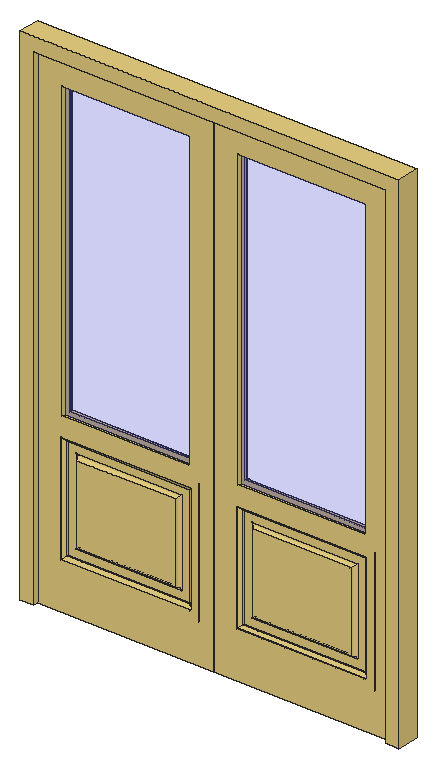
Revit family "DTI_A3-2032X1511-Square-L1RP", category Doors, host Wall, Revit 2016
Family settings
  Host = Wall
  Always vertical = Yes
  Cut with Voids When Loaded = No
  Shared = No
  Room Calculation Point = No
Parameters (values of type "2032 x 1511 Square - L1RP")
  URL = "http://www.kparkerjoinery.co.za/"
  Panel Width = Width - (Frame Width * 2)  # 1401 mm
  Panel Height = Height - Frame Width  # 1977 mm
  Model = "Double"
  Manufcturer Code = "Square - L1RP"
  Manufacturer = "K. Parker Joinery"
  Height = 2032 mm
  Wall Closure = By host
  Width = 1511 mm
  Half = Panel Width / 2  # 700.5 mm
  Glass Material = Glass
  Function = Interior
  Frame Width = 55 mm
  Frame Thickness = 85 mm
  Frame Material = Kiln Dried Wood
  Assembly Code = "B2030130"
Reference planes
  plane 1 "Center": y = 0
  plane 2 "Center (Left/Right)": x = 0
  plane 3 "Left": x = -755.5
  plane 4 "Right": x = 755.5
  plane 5: z = 2032
  plane 6 "Exterior": y = 75
  plane 7 "Interior": y = -75
Forms (mm)
  Sweep 1, solid, material "Kiln Dried Wood" <- "Frame Material"
    path origin (0, 0, 0) x (1, 0, 0) y (0, 0, 1)
      loop
        line (755.5, 0) -> (755.5, 2032) -> (-755.5, 2032) -> (-755.5, 0)
    profile origin (0, 0, 2032) x (0, 0, -1) y (0, -1, 0)
      loop
        line (0, -42.5) -> (55, -42.5) -> (55, 42.5) -> (0, 42.5) -> (0, -42.5)
Lines and regions (mm)
  Opening 1
    outline origin (-3050, -75, 0) x (1, 0, 0) y (0, 0, 1)
      loop
        line (2294.5, 0) -> (3805.5, 0) -> (3805.5, 2032) -> (2294.5, 2032) -> (2294.5, 0)
  symbolic lines, style "Elevation Swing"
    curve 1: line (700.5, 0, 1977) -> (0, 0, 988.5)
    curve 2: line (0, 0, 988.5) -> (700.5, 0, 0)
    curve 3: line (-700.5, 0, 1977) -> (0, 0, 988.5)
    curve 4: line (-700.5, 0, 0) -> (0, 0, 988.5)
  symbolic lines, style "Plan Swing"
    curve 5: line (-700.5, 22, 0) -> (-700.5, 722.5, 0)
    curve 6: line (-700.5, 722.5, 0) -> (-656.5, 722.5, 0)
    curve 7: line (-656.5, 722.5, 0) -> (-656.5, 22, 0)
    curve 8: line (-700.5, 22, 0) -> (-656.5, 22, 0)
    curve 9: arc (-700.5, 722.5, 0) -> (-205.172, 517.328, 0) -> (0, 22, 0) r 700.5
    curve 10: line (700.5, 22, 0) -> (700.5, 722.5, 0)
    curve 11: line (700.5, 722.5, 0) -> (656.5, 722.5, 0)
    curve 12: line (656.5, 722.5, 0) -> (656.5, 22, 0)
    curve 13: line (700.5, 22, 0) -> (656.5, 22, 0)
    curve 14: arc (700.5, 722.5, 0) -> (205.172, 517.328, 0) -> (0, 22, 0) r 700.5
Text (mm)
  text "Exterior" at (-2295.016, 1099.543, 0), in view "Ref. Level"
  text "Exterior" at (0, 1615.38, 3698.081), in view "Left"
  text "Exterior" at (0, 1036.032, 3874.932), in view "Right"
Dimensions and locks
  equal spacing: plane 3 "Left", plane 2 "Center (Left/Right)", plane 4 "Right"
  "Width": plane 3 "Left" to plane 4 "Right"
  "Height": plane 5 to host wall
  locked: plane 6 "Exterior" to host wall at 0
  locked: plane 7 "Interior" to host wall
  equal spacing: Sweep 1 sketch curve, profile plane, Sweep 1 sketch curve
  "Frame Thickness": Sweep 1 sketch curve to Sweep 1 sketch curve
  "Frame Width": Sweep 1 sketch curve to Sweep 1 sketch curve
  "Half": curve 8 to curve 6
  "Half": curve 13 to curve 11
  aligned and locked: plane 3 "Left" to Opening 1 sketch curve
  aligned and locked: plane 5 to Opening 1 sketch curve  (x2)
  aligned and locked: Opening 1 sketch curve to plane 4 "Right"
  aligned and locked: Opening 1 sketch curve to level
  aligned and locked: plane 1 "Center" to host wall
  aligned and locked: level to Sweep 1 sketch curve  (x2)
  aligned and locked: plane 5 to Sweep 1 sketch curve
  aligned and locked: Sweep 1 sketch curve to plane 4 "Right"
  aligned and locked: Sweep 1 sketch curve to plane 3 "Left"
  aligned and locked: Sweep 1 sketch curve to profile plane
  aligned and locked: plane 2 "Center (Left/Right)" to nested 1
  aligned and locked: plane 1 "Center" to nested 1
Automatic sketch dimensions
  curve 4 to level = 0 mm
  curve 2 to plane 2 "Center (Left/Right)" = 0 mm
  curve 2 to level = 0 mm
  curve 3 to plane 3 "Left" = 55 mm
  curve 4 to plane 3 "Left" = 55 mm
  plane 4 "Right" to curve 2 = 55 mm
  plane 4 "Right" to curve 1 = 55 mm
  level to curve 2 = 988.5 mm
  plane 5 to curve 3 = 55 mm
  plane 5 to curve 1 = 55 mm
  curve 9 to plane 2 "Center (Left/Right)" = 0 mm
  curve 9 to curve 6 = 44 mm
  curve 5 to host wall = 22 mm
  curve 9 to curve 5 = 0 mm
  curve 14 to plane 2 "Center (Left/Right)" = 0 mm
  curve 12 to host wall = 22 mm
  plane 4 "Right" to curve 12 = 99 mm
  curve 12 to curve 13 = 44 mm
Nested families
  nested 1: "L1RP - Double" at (0, 0, 0) x (-1, 0, 0) z (0, 0, 1), type "L1RP - Double", detail levels medium+fine
    with Width 1401 mm, Height 1977 mm
Definition of nested family "L1RP - Double"
  Parameters
    Width = 1206 mm
    Height = 2032 mm
    Glass Material = none
    Frame Material = none
  Reference planes
    plane 1 "Center (Front/Back)": y = 0
    plane 2: z = 0
    plane 3 "Center (Left/Right)": x = 0
    plane 4: x = -603
    plane 5: x = 603
    plane 6: z = 2032
    plane 7: z = 1972
    plane 8: z = 155
    plane 9: z = 1354.667
    plane 10: z = 677.333
    plane 11: z = 682.583
    plane 12: z = 672.083
    plane 13: x = -543
    plane 14: x = -60
    plane 15: x = 60
    plane 16: x = 543
  Forms (mm)
    Sweep 1, solid
      path origin (0, 0, 0) x (1, 0, 0) y (0, 0, 1)
        loop
          line (-603, 0) -> (0, 0)
      profile "Solid B : Solid B" origin (-301.5, 0, 0) x (0, 0, 1) y (0, -1, 0)
        loop
          line (0, -22) -> (185, -22) -> (185, -20) -> (200, -11) -> (200, -6) -> (155, -6) -> (155, 6) -> (200, 6) -> (200, 11) -> (185, 20) -> (185, 22) -> (0, 22) -> (0, -22)
    Sweep 2, solid
      path origin (0, 0, 0) x (1, 0, 0) y (0, 0, 1)
        loop
          line (-603, 677.333) -> (-603, 2032) -> (0, 2032) -> (0, 677.333)
      profile "Glass T : Glass T" origin (-301.5, 0, 2032) x (0, 0, 1) y (0, -1, 0)
        loop
          line (0, -22) -> (0, 22) -> (-95, 22) -> (-95, 20)
          arc (-95, 20) -> (-100.657, 17.657) -> (-103, 12) r 8
          line (-103, 12) -> (-105, 12) -> (-105, 2) -> (-60, 2) -> (-60, -10) -> (-96, -10) -> (-96, -22) -> (0, -22)
    Extrusion 3, solid, material <- "Glass Material"
      sketch origin (0, 0, 0) x (1, 0, 0) y (0, 1, 0)
        loop
          line (-543, 10) -> (-543, -2) -> (-60, -2) -> (-60, 10) -> (-543, 10)
      from 682.583 to 1972
    Sweep 4, solid, material <- "Frame Material"
      path origin (0, 0, 0) x (1, 0, 0) y (0, 0, 1)
        loop
          line (0, 677.333) -> (0, 2032) -> (603, 2032) -> (603, 677.333)
      profile "Glass T : Glass T" origin (301.5, 0, 2032) x (0, 0, 1) y (0, -1, 0)
        loop
          line (0, -22) -> (0, 22) -> (-95, 22) -> (-95, 20)
          arc (-95, 20) -> (-100.657, 17.657) -> (-103, 12) r 8
          line (-103, 12) -> (-105, 12) -> (-105, 2) -> (-60, 2) -> (-60, -10) -> (-96, -10) -> (-96, -22) -> (0, -22)
    Sweep 5, solid, material <- "Frame Material"
      path origin (0, 0, 0) x (1, 0, 0) y (0, 0, 1)
        loop
          line (0, 0) -> (603, 0)
      profile "Solid B : Solid B" origin (301.5, 0, 0) x (0, 0, 1) y (0, -1, 0)
        loop
          line (0, -22) -> (185, -22) -> (185, -20) -> (200, -11) -> (200, -6) -> (155, -6) -> (155, 6) -> (200, 6) -> (200, 11) -> (185, 20) -> (185, 22) -> (0, 22) -> (0, -22)
    Extrusion 6, solid, material <- "Glass Material"
      sketch origin (0, 0, 0) x (1, 0, 0) y (0, 1, 0)
        loop
          line (60, 10) -> (60, -2) -> (543, -2) -> (543, 10) -> (60, 10)
      from 682.583 to 1972
    Sweep 7, solid
      path origin (0, 0, 0) x (1, 0, 0) y (0, 0, 1)
        loop
          line (-603, 677.333) -> (0, 677.333)
      profile "Glass M spec : Glass M spec" origin (-301.5, 0, 677.333) x (0, 0, 1) y (0, -1, 0)
        loop
          line (40.25, 22) -> (-35.25, 22) -> (-35.25, 20) -> (-50.25, 11) -> (-50.25, 6) -> (-5.25, 6) -> (-5.25, -6) -> (-50.25, -6) -> (-50.25, -11) -> (-35.25, -20) -> (-35.25, -22) -> (41.25, -22) -> (41.25, -10) -> (5.25, -10) -> (5.25, 2) -> (50.25, 2) -> (50.25, 12) -> (48.25, 12)
          arc (48.25, 12) -> (45.907, 17.657) -> (40.25, 20) r 8
          line (40.25, 20) -> (40.25, 22)
    Sweep 8, solid, material <- "Frame Material"
      path origin (0, 0, 0) x (1, 0, 0) y (0, 0, 1)
        loop
          line (0, 677.333) -> (603, 677.333)
      profile "Glass M spec : Glass M spec" origin (301.5, 0, 677.333) x (0, 0, 1) y (0, -1, 0)
        loop
          line (40.25, 22) -> (-35.25, 22) -> (-35.25, 20) -> (-50.25, 11) -> (-50.25, 6) -> (-5.25, 6) -> (-5.25, -6) -> (-50.25, -6) -> (-50.25, -11) -> (-35.25, -20) -> (-35.25, -22) -> (41.25, -22) -> (41.25, -10) -> (5.25, -10) -> (5.25, 2) -> (50.25, 2) -> (50.25, 12) -> (48.25, 12)
          arc (48.25, 12) -> (45.907, 17.657) -> (40.25, 20) r 8
          line (40.25, 20) -> (40.25, 22)
    Sweep 9, solid
      path origin (0, 0, 0) x (1, 0, 0) y (0, 0, 1)
        loop
          line (-603, 677.333) -> (-603, 155)
      profile "Solid T : Solid T" origin (-603, 0, 416.167) x (1, 0, 0) y (0, -1, 0)
        loop
          line (0, -22) -> (90, -22) -> (90, -20) -> (105, -11) -> (105, -6) -> (60, -6) -> (60, 6) -> (105, 6) -> (105, 11) -> (90, 20) -> (90, 22) -> (0, 22) -> (0, -22)
    Sweep 10, solid
      path origin (-603, 0, 0) x (-1, 0, 0) y (0, 0, 1)
        loop
          line (-603, 677.333) -> (-603, 155)
      profile "Solid T : Solid T" origin (0, 0, 416.167) x (-1, 0, 0) y (0, 1, 0)
        loop
          line (0, 22) -> (0, -22) -> (90, -22) -> (90, -20) -> (105, -11) -> (105, -6) -> (60, -6) -> (60, 6) -> (105, 6) -> (105, 11) -> (90, 20) -> (90, 22) -> (0, 22)
    Sweep 11, solid, material <- "Frame Material"
      path origin (660, 0, 0) x (1, 0, 0) y (0, 0, 1)
        loop
          line (-660, 677.333) -> (-660, 155)
      profile "Solid T : Solid T" origin (0, 0, 416.167) x (1, 0, 0) y (0, -1, 0)
        loop
          line (0, -22) -> (90, -22) -> (90, -20) -> (105, -11) -> (105, -6) -> (60, -6) -> (60, 6) -> (105, 6) -> (105, 11) -> (90, 20) -> (90, 22) -> (0, 22) -> (0, -22)
    Sweep 12, solid, material <- "Frame Material"
      path origin (0, 0, 0) x (-1, 0, 0) y (0, 0, 1)
        loop
          line (-603, 677.333) -> (-603, 155)
      profile "Solid T : Solid T" origin (603, 0, 416.167) x (-1, 0, 0) y (0, 1, 0)
        loop
          line (0, 22) -> (0, -22) -> (90, -22) -> (90, -20) -> (105, -11) -> (105, -6) -> (60, -6) -> (60, 6) -> (105, 6) -> (105, 11) -> (90, 20) -> (90, 22) -> (0, 22)
    Extrusion 13, solid, material <- "Frame Material"
      sketch origin (0, 0, 0) x (1, 0, 0) y (0, 1, 0)
        loop
          line (-543, 20) -> (-543, -20) -> (-60, -20) -> (-60, 20) -> (-543, 20)
      from 155 to 672.083
    Sweep 14, void
      path origin (0, 0, 0) x (1, 0, 0) y (0, 0, 1)
        loop
          line (-543, 672.083) -> (-543, 155) -> (-60, 155) -> (-60, 672.083) -> (-543, 672.083)
      profile "Void : Void" origin (-301.5, 0, 672.083) x (0, 0, 1) y (0, -1, 0)
        loop
          line (-44.95, -11) -> (-44.95, -6) -> (-78.778, -6)
          arc (-78.778, -6) -> (-88.678, -10.101) -> (-92.778, -20) r 14
          line (-92.778, -20) -> (-92.778, -27) -> (-29.95, -27) -> (-29.95, -20) -> (-44.95, -11)
        loop
          line (-44.95, 11) -> (-29.95, 20) -> (-29.95, 27) -> (-92.778, 27) -> (-92.778, 20)
          arc (-92.778, 20) -> (-88.678, 10.101) -> (-78.778, 6) r 14
          line (-78.778, 6) -> (-44.95, 6) -> (-44.95, 11)
    Extrusion 15, solid, material <- "Frame Material"
      sketch origin (0, 0, 0) x (1, 0, 0) y (0, 1, 0)
        loop
          line (60, 20) -> (60, -20) -> (543, -20) -> (543, 20) -> (60, 20)
      from 155 to 672.083
    Sweep 16, void
      path origin (0, 0, 0) x (1, 0, 0) y (0, 0, 1)
        loop
          line (60, 672.083) -> (60, 155) -> (543, 155) -> (543, 672.083) -> (60, 672.083)
      profile "Void : Void" origin (301.5, 0, 672.083) x (0, 0, 1) y (0, -1, 0)
        loop
          line (-44.95, -11) -> (-44.95, -6) -> (-78.778, -6)
          arc (-78.778, -6) -> (-88.678, -10.101) -> (-92.778, -20) r 14
          line (-92.778, -20) -> (-92.778, -27) -> (-29.95, -27) -> (-29.95, -20) -> (-44.95, -11)
        loop
          line (-44.95, 11) -> (-29.95, 20) -> (-29.95, 27) -> (-92.778, 27) -> (-92.778, 20)
          arc (-92.778, 20) -> (-88.678, 10.101) -> (-78.778, 6) r 14
          line (-78.778, 6) -> (-44.95, 6) -> (-44.95, 11)
  Cuts and joins
    joined: Sweep 1, Sweep 2, Sweep 7, Sweep 9, Sweep 10
    joined: Sweep 4, Sweep 5, Sweep 8, Sweep 11, Sweep 12
    Sweep 14 cuts Extrusion 13
    Sweep 16 cuts Extrusion 15
  Dimensions and locks
    equal spacing: plane 4, plane 3 "Center (Left/Right)", plane 5
    "Width": plane 4 to plane 5
    "Height": plane 6 to level
    locked: plane 8 to level at 155
    locked: plane 6 to plane 7 at 60
    equal spacing: plane 6, plane 9, plane 10, level
    locked: plane 11 to plane 10 at 5.25
    locked: plane 12 to plane 10 at 5.25
    locked: plane 4 to plane 13 at 60
    locked: plane 3 "Center (Left/Right)" to plane 14 at 60
    locked: plane 3 "Center (Left/Right)" to plane 15 at 60
    locked: plane 5 to plane 16 at 60
    aligned and locked: Sweep 1 sketch curve to level
    aligned and locked: plane 4 to Sweep 1 sketch curve
    aligned and locked: Sweep 2 sketch curve to plane 6
    aligned and locked: Sweep 2 sketch curve to plane 4
    aligned and locked: plane 7 to Extrusion 3
    aligned and locked: Sweep 2 sketch curve to plane 3 "Center (Left/Right)"
    aligned and locked: plane 3 "Center (Left/Right)" to Sweep 1 sketch curve
    aligned and locked: Sweep 4 sketch curve to plane 3 "Center (Left/Right)"
    aligned and locked: Sweep 4 sketch curve to plane 6
    aligned and locked: plane 5 to Sweep 4 sketch curve
    aligned and locked: plane 3 "Center (Left/Right)" to Sweep 5 sketch curve
    aligned and locked: plane 5 to Sweep 5 sketch curve
    aligned and locked: Sweep 5 sketch curve to level
    aligned and locked: plane 7 to Extrusion 6
    aligned and locked: plane 4 to Sweep 7 sketch curve
    aligned and locked: plane 3 "Center (Left/Right)" to Sweep 7 sketch curve
    aligned and locked: Sweep 7 sketch curve to plane 10
    aligned and locked: plane 3 "Center (Left/Right)" to Sweep 8 sketch curve
    aligned and locked: plane 5 to Sweep 8 sketch curve
    aligned and locked: Sweep 8 sketch curve to plane 10
    aligned and locked: plane 10 to Sweep 9 sketch curve
    aligned and locked: plane 8 to Sweep 9 sketch curve
    aligned and locked: Sweep 9 sketch curve to plane 4
    aligned and locked: plane 10 to Sweep 10 sketch curve
    aligned and locked: plane 8 to Sweep 10 sketch curve
    aligned and locked: Sweep 10 sketch curve to plane 3 "Center (Left/Right)"
    aligned and locked: plane 11 to Extrusion 6
    aligned and locked: plane 11 to Extrusion 3
    aligned and locked: plane 10 to Sweep 2 sketch curve  (x2)
    aligned and locked: plane 10 to Sweep 11 sketch curve
    aligned and locked: plane 8 to Sweep 11 sketch curve
    aligned and locked: Sweep 11 sketch curve to plane 3 "Center (Left/Right)"
    aligned and locked: plane 10 to Sweep 4 sketch curve  (x2)
    aligned and locked: plane 10 to Sweep 12 sketch curve
    aligned and locked: plane 8 to Sweep 12 sketch curve
    aligned and locked: plane 5 to Sweep 12 sketch curve
    aligned and locked: Extrusion 13 sketch curve to cut or joined group of Sweep 1, Sweep 2, Sweep 7, Sweep 9, Sweep 10  (x4)
    aligned and locked: plane 12 to Extrusion 13
    aligned and locked: Extrusion 13 to plane 8
    aligned and locked: plane 13 to Sweep 14 sketch curve
    aligned and locked: plane 8 to Sweep 14 sketch curve
    aligned and locked: plane 14 to Sweep 14 sketch curve
    aligned and locked: Sweep 14 sketch curve to plane 12
    aligned and locked: plane 15 to Extrusion 15 sketch curve
    aligned and locked: plane 16 to Extrusion 15 sketch curve
    aligned and locked: Extrusion 15 sketch curve to cut or joined group of Sweep 4, Sweep 5, Sweep 8, Sweep 11, Sweep 12  (x2)
    aligned and locked: plane 12 to Extrusion 15
    aligned and locked: Extrusion 15 to plane 8
    aligned and locked: plane 15 to Sweep 16 sketch curve
    aligned and locked: Sweep 16 sketch curve to plane 12
    aligned and locked: plane 8 to Sweep 16 sketch curve
    aligned and locked: plane 16 to Sweep 16 sketch curve
  Automatic sketch dimensions
    plane 1 "Center (Front/Back)" to Extrusion 3 sketch curve = 2 mm
    plane 4 to Extrusion 3 sketch curve = 60 mm
    Extrusion 3 sketch curve to plane 3 "Center (Left/Right)" = 60 mm
    Extrusion 3 sketch curve to plane 1 "Center (Front/Back)" = 10 mm
    plane 1 "Center (Front/Back)" to Extrusion 6 sketch curve = 2 mm
    plane 3 "Center (Left/Right)" to Extrusion 6 sketch curve = 60 mm
    plane 5 to Extrusion 6 sketch curve = 60 mm
    Extrusion 6 sketch curve to plane 1 "Center (Front/Back)" = 10 mm
